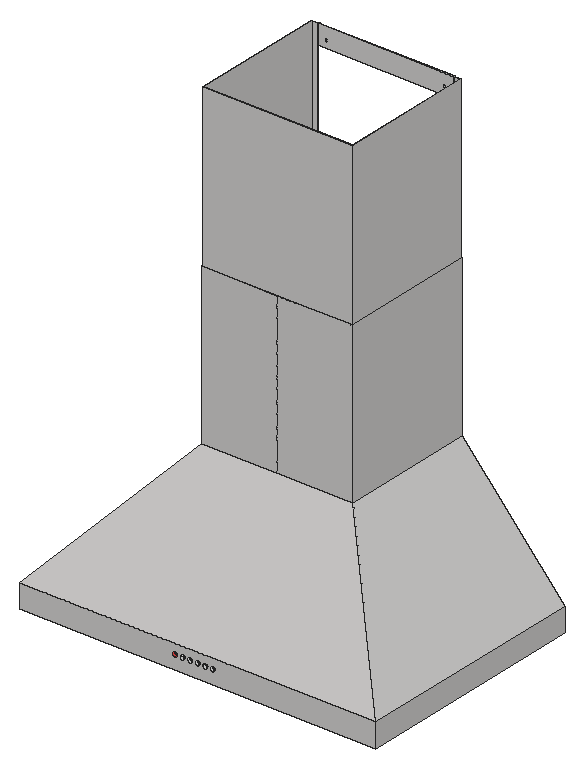
Revit family "FP_Revit_18_HC30PCX1_Rangehood_90001878A", category Specialty Equipment, Revit 2018
Family settings
  Round Connector Dimension = Use Diameter
  Part Type = Normal
  OmniClass Number = 23.40.40.00
  OmniClass Title = Food Service Equipment and Furnishings
  Work Plane-Based = No
  Always vertical = Yes
  Cut with Voids When Loaded = Yes
  Shared = No
  Room Calculation Point = No
Parameters (values of type "HC30PCX1")
  Visibility - Upper Chimney Extension [instance] = yes
  URL = "www.fisherpaykel.com"
  Product - Width = 755 mm  # constant formula
  Product - Height (636mm - 975mm) Ducted [instance] = 975 mm
  Product - Depth = 500 mm  # constant formula
  Model = "HC30PCX1"
  Material - COLOUR CHANGE = Fisher & Paykel - Stainless Steel
  Material - Buttons and Dials = Fisher & Paykel - Steel, Chrome Plated
  Material - Body = Fisher & Paykel - Stainless Steel
  Manufacturer = "Fisher & Paykel Appliances"
  FFL Offset [instance] = 1565 mm
  Description = "30\" Rangehood"
  Connector Description - Extraction = "6” (152 mm) diameter, rigid or semi-rigid ducting, 600 CFM"
  Connector Description - Electrical = "120 V, 60 Hz"
  Chassis - Width = 320 mm  # constant formula
  Chassis - Height = 298 mm  # constant formula
  Chassis - Depth = 290 mm  # constant formula
Types (5, lengths in mm): name | Model | Material - COLOUR CHANGE
  (no name) | "HC30PCX1" | Fisher & Paykel - Stainless Steel
  HC30PCB1 | "HC30PCB1" | Fisher & Paykel - Black
  HC30PCR1 | "HC30PCR1" | Fisher & Paykel - Red
  HC30PCX1 | "HC30PCX1" | Fisher & Paykel - Stainless Steel
  HC30PCW1 | "HC30PCW1" | Fisher & Paykel - White
Reference planes
  plane 1 "Datum": y = 0
  plane 2: z = 0
  plane 3 "Center (Left/Right)": x = 0
  plane 4 "Product - Height": z = 2540
  plane 5 "Product LHS": x = -377.5
  plane 6 "Product RHS": x = 377.5
  plane 7 "Product - Depth": y = -500
  plane 8 "Cavity LHS": x = -160
  plane 9 "Cavity RHS": x = 160
  plane 10 "Chassis - Depth": y = -290
  plane 11 "FFL Offset": z = 1565
  plane 12 "Chassis - Height": z = 1863
Forms (mm)
  Extrusion 1, solid, material "Fisher & Paykel - Stainless Steel" <- "Material - COLOUR CHANGE"
    sketch origin (0, 0, 0) x (1, 0, 0) y (0, 1, 0)
      loop
        line (-145, 0) -> (-160, 0) -> (-160, -290) -> (0, -290) -> (160, -290) -> (160, 0) -> (145, 0) -> (145, -1) -> (159, -1) -> (159, -289) -> (-159, -289) -> (-159, -1) -> (-145, -1) -> (-145, 0)
    from 1863 to 2200
  Extrusion 2, solid, material "Fisher & Paykel - Stainless Steel" <- "Material - COLOUR CHANGE", visible <- "Visibility - Upper Chimney Extension"
    sketch origin (0, 0, 0) x (1, 0, 0) y (0, 1, 0)
      loop
        line (-158, -2) -> (-145, -2) -> (-145, -1) -> (-159, -1) -> (-159, -289) -> (159, -289) -> (159, -1) -> (145, -1) -> (145, -2) -> (158, -2) -> (158, -288.044) -> (-158, -288.044) -> (-158, -2)
    from 2190 to 2540
  Extrusion 3, solid, material "Fisher & Paykel - Stainless Steel" <- "Material - Body"
    sketch origin (0, 0, 0) x (1, 0, 0) y (0, 1, 0)
      loop
        circle (0, -87.6) r 75
      loop
        circle (0, -87.6) r 74
    from 1850 to 1897.007
  Extrusion 4, solid, material "Fisher & Paykel - Stainless Steel" <- "Material - Body", visible <- "Visibility - Upper Chimney Extension"
    sketch origin (0, 0, 7) x (1, 0, 0) y (0, 0, 1)
      loop
        line (-145, 2491.596) -> (145, 2491.596) -> (145, 2533) -> (-145, 2533) -> (-145, 2491.596)
      loop
        circle (125, 2508) r 2.5
      loop
        circle (-125, 2508) r 2.5
    from 0 to 2
  Extrusion 5, solid, material "Fisher & Paykel - Steel, Chrome Plated" <- "Material - Buttons and Dials", detail levels fine
    sketch origin (0, 0, 565) x (1, 0, 0) y (0, 0, 1)
      loop
        circle (-32, 1029.1) r 3.958
      loop
        circle (-16, 1029.1) r 3.958
      loop
        circle (0, 1029.1) r 3.958
      loop
        circle (16, 1029.1) r 3.958
      loop
        circle (32, 1029.1) r 3.958
    from 501 to 500
  Extrusion 6, void
    sketch origin (0, 0, 0) x (1, 0, 0) y (0, 1, 0)
      loop
        line (-285.2, -479.9) -> (285.2, -479.9) -> (285.2, -89.9) -> (-285.2, -89.9) -> (-285.2, -479.9)
      loop
        circle (-207.5, -42) r 25
      loop
        circle (207.5, -42) r 25
    from 1565 to 1574
  Extrusion 7, solid, material "Fisher & Paykel - Stainless Steel" <- "Material - Body", detail levels fine
    sketch origin (0, 0, 0) x (1, 0, 0) y (0, 1, 0)
      loop
        line (0.5, -89.9) -> (0.5, -479.9) -> (285.2, -479.9) -> (285.2, -89.9) -> (0.5, -89.9)
      loop
        line (275.525, -469.9) -> (275.525, -99.9) -> (10.175, -99.9) -> (10.175, -469.9) -> (110.35, -469.9) -> (110.35, -409.9) -> (175.35, -409.9) -> (175.35, -469.9) -> (275.525, -469.9)
      loop
        line (127.25, -428.3) -> (127.25, -468.3) -> (158.45, -468.3) -> (158.45, -428.3) -> (127.25, -428.3)
      loop
        line (132.45, -433.5) -> (132.45, -463.1) -> (153.25, -463.1) -> (153.25, -433.5) -> (132.45, -433.5)
      loop
        line (132.65, -442.6) -> (132.65, -462.9) -> (153.05, -462.9) -> (153.05, -442.6) -> (132.65, -442.6)
      loop
        line (126.25, -427.3) -> (126.25, -469.3) -> (159.45, -469.3) -> (159.45, -427.3) -> (126.25, -427.3)
      loop
        line (-0.5, -89.9) -> (-285.2, -89.9) -> (-285.2, -479.9) -> (-0.5, -479.9) -> (-0.5, -89.9)
      loop
        line (-275.525, -469.9) -> (-175.35, -469.9) -> (-175.35, -409.9) -> (-110.35, -409.9) -> (-110.35, -469.9) -> (-10.175, -469.9) -> (-10.175, -99.9) -> (-275.525, -99.9) -> (-275.525, -469.9)
      loop
        line (-127.25, -428.3) -> (-158.45, -428.3) -> (-158.45, -468.3) -> (-127.25, -468.3) -> (-127.25, -428.3)
      loop
        line (-132.45, -433.5) -> (-153.25, -433.5) -> (-153.25, -463.1) -> (-132.45, -463.1) -> (-132.45, -433.5)
      loop
        line (-132.65, -442.6) -> (-153.05, -442.6) -> (-153.05, -462.9) -> (-132.65, -462.9) -> (-132.65, -442.6)
      loop
        line (-126.25, -427.3) -> (-159.45, -427.3) -> (-159.45, -469.3) -> (-126.25, -469.3) -> (-126.25, -427.3)
    from 1566 to 1574
  Extrusion 8, solid, material "Fisher & Paykel - Aluminium", detail levels medium+fine
    sketch origin (0, 0, 0) x (1, 0, 0) y (0, 1, 0)
      loop
        line (10.175, -99.9) -> (10.175, -469.9) -> (110.35, -469.9) -> (110.35, -409.9) -> (175.35, -409.9) -> (175.35, -469.9) -> (275.525, -469.9) -> (275.525, -99.9) -> (10.175, -99.9)
      loop
        line (-10.175, -99.9) -> (-275.525, -99.9) -> (-275.525, -469.9) -> (-175.35, -469.9) -> (-175.35, -409.9) -> (-110.35, -409.9) -> (-110.35, -469.9) -> (-10.175, -469.9) -> (-10.175, -99.9)
    from 1566 to 1574
  Extrusion 9, void
    sketch origin (0, 0, 0) x (1, 0, 0) y (0, 0, 1)
      loop
        line (-377.5, 1863) -> (-377.5, 1615) -> (-160, 1863) -> (-377.5, 1863)
      loop
        line (377.5, 1863) -> (160, 1863) -> (377.5, 1615) -> (377.5, 1863)
    from 0 to 500
  Extrusion 10, solid, material "Fisher & Paykel - Stainless Steel" <- "Material - COLOUR CHANGE"
    sketch origin (0, 0, 0) x (0, 1, 0) y (0, 0, 1)
      loop
        line (-500, 1565) -> (0, 1565) -> (0, 1863) -> (-290, 1863) -> (-500, 1615) -> (-500, 1565)
    from -377.5 to 377.5
  Extrusion 11, solid, material "Fisher & Paykel - Stainless Steel" <- "Material - Body", detail levels medium+fine
    sketch origin (0, 0, 0) x (1, 0, 0) y (0, 1, 0)
      loop
        circle (90.933, -33) r 3
    from 1897.007 to 1850
  Extrusion 12, solid, material "Fisher & Paykel - Steel, Chrome Plated" <- "Material - Buttons and Dials", detail levels medium+fine
    sketch origin (0, 0, 0) x (1, 0, 0) y (0, 1, 0)
      loop
        circle (-207.5, -42) r 25
      loop
        circle (-207.5, -42) r 22
      loop
        circle (207.5, -42) r 25
      loop
        circle (207.5, -42) r 22
    from 1565 to 1574
  Extrusion 13, solid, material "Fisher & Paykel - White Bezel", detail levels fine
    sketch origin (0, 0, 0) x (1, 0, 0) y (0, 1, 0)
      loop
        circle (-207.5, -42) r 22
      loop
        circle (207.5, -42) r 22
    from 1565 to 1574
  Extrusion 14, void
    sketch origin (0, 0, 0) x (1, 0, 0) y (0, 0, 1)
      loop
        circle (254, 1612) r 2.5
      loop
        circle (125, 1859) r 2.5
      loop
        circle (-254, 1610) r 2.5
      loop
        circle (-125, 1859) r 2.5
    from 0 to 7
  Extrusion 15, solid, material "Fisher & Paykel - Stainless Steel" <- "Material - Body"
    sketch origin (0, 0, 0) x (1, 0, 0) y (0, 0, 1)
      loop
        line (-145, 2183) -> (-145, 2143) -> (145, 2143) -> (145, 2183) -> (-145, 2183)
      loop
        circle (125, 2161) r 2.5
      loop
        circle (-125, 2161) r 2.5
    from 0 to 2
  Extrusion 16, void
    sketch origin (0, 0, 0) x (1, 0, 0) y (0, 1, 0)
      loop
        line (-159, -289) -> (159, -289) -> (159, -2) -> (-159, -2) -> (-159, -289)
    from 1850 to 1863
  Extrusion 17, solid, material "Fisher & Paykel - Bezel Red", detail levels fine
    sketch origin (0, 0, 0) x (1, 0, 0) y (0, 0, 1)
      loop
        circle (-48, 1594.1) r 4.044
    from 500 to 501
Cuts and joins
  Extrusion 6, Extrusion 9, Extrusion 14, Extrusion 16 cuts Extrusion 10
  joined: Extrusion 1, Extrusion 10
  Extrusion 14 cuts Extrusion 4
  Extrusion 14 cuts Extrusion 15
Text (mm)
  text "Due to ongoing product development, product details are subject to change without notice. \nPlease always refer to www.fisherpaykel.com for the most current product information. \n© Fisher & Paykel 2020" at (41.04, -1225.549, 0), in view "Ref. Level (Plan)"
Dimensions and locks
  equal spacing: plane 5 "Product LHS", plane 3 "Center (Left/Right)", plane 6 "Product RHS"
  equal spacing: plane 8 "Cavity LHS", plane 3 "Center (Left/Right)", plane 9 "Cavity RHS"
  "Chassis - Width": plane 8 "Cavity LHS" to plane 9 "Cavity RHS"
  locked: Extrusion 1 sketch curve to Extrusion 1 sketch curve at 1  (x3)
  "FFL Offset": plane 11 "FFL Offset" to level
  "Product - Height (636mm - 975mm) Ducted": plane 4 "Product - Height" to plane 11 "FFL Offset"
  locked: Extrusion 8 to plane 11 "FFL Offset" at 9
  locked: Extrusion 7 to plane 11 "FFL Offset" at 1
  locked: Extrusion 1 to plane 11 "FFL Offset" at 635
  "Chassis - Depth": plane 10 "Chassis - Depth" to plane 1 "Datum"
  "Product - Width": plane 5 "Product LHS" to plane 6 "Product RHS"
  "Product - Depth": plane 1 "Datum" to plane 7 "Product - Depth"
  "Chassis - Height": plane 12 "Chassis - Height" to plane 11 "FFL Offset"
  locked: plane 11 "FFL Offset" to Extrusion 14 sketch curve at 294
  locked: plane 4 "Product - Height" to Extrusion 2 at 350
  locked: Extrusion 3 to plane 11 "FFL Offset" at 332.007
  locked: plane 11 "FFL Offset" to cut or joined group of Extrusion 1, Extrusion 6, Extrusion 9, Extrusion 10, Extrusion 14, Extrusion 16 at 285
  locked: plane 11 "FFL Offset" to cut or joined group of Extrusion 14, Extrusion 15 at 596
  locked: plane 11 "FFL Offset" to cut or joined group of Extrusion 14, Extrusion 15 at 618
  locked: plane 11 "FFL Offset" to cut or joined group of Extrusion 14, Extrusion 15 at 578
  cut or joined group of Extrusion 4, Extrusion 14 to plane 4 "Product - Height" = 41.404 mm
  locked: cut or joined group of Extrusion 4, Extrusion 14 to plane 4 "Product - Height" at 25
  locked: plane 11 "FFL Offset" to cut or joined group of Extrusion 1, Extrusion 6, Extrusion 9, Extrusion 10, Extrusion 14, Extrusion 16 at 294
  locked: plane 11 "FFL Offset" to Extrusion 14 sketch curve at 47
  locked: plane 11 "FFL Offset" to cut or joined group of Extrusion 1, Extrusion 6, Extrusion 9, Extrusion 10, Extrusion 14, Extrusion 16 at 47
  locked: Extrusion 7 sketch curve to plane 3 "Center (Left/Right)" at 285.2
  locked: plane 3 "Center (Left/Right)" to Extrusion 7 sketch curve at 285.2
  aligned and locked: level to plane 2
  aligned and locked: Extrusion 1 sketch curve to plane 8 "Cavity LHS"
  aligned and locked: plane 9 "Cavity RHS" to Extrusion 1 sketch curve
  aligned and locked: plane 10 "Chassis - Depth" to Extrusion 1 sketch curve
  aligned and locked: plane 4 "Product - Height" to Extrusion 2
  aligned and locked: Extrusion 10 to plane 6 "Product RHS"
  aligned and locked: plane 5 "Product LHS" to Extrusion 10
  aligned and locked: Extrusion 7 to Extrusion 8  (x2)
  aligned and locked: Extrusion 6 to Extrusion 7
  aligned and locked: cut or joined group of Extrusion 1, Extrusion 6, Extrusion 9, Extrusion 10, Extrusion 14, Extrusion 16 to plane 11 "FFL Offset"
  aligned and locked: Extrusion 12 to Extrusion 7
  aligned and locked: Extrusion 13 to Extrusion 7
  aligned and locked: Extrusion 13 to plane 11 "FFL Offset"
  aligned and locked: Extrusion 12 to plane 11 "FFL Offset"
  aligned and locked: plane 4 "Product - Height" to Extrusion 4
  aligned and locked: Extrusion 1 to plane 12 "Chassis - Height"
  aligned and locked: plane 7 "Product - Depth" to Extrusion 5
  aligned and locked: plane 7 "Product - Depth" to Extrusion 17
  aligned and locked: Extrusion 16 to Extrusion 1
  aligned and locked: cut or joined group of Extrusion 1, Extrusion 6, Extrusion 9, Extrusion 10, Extrusion 14, Extrusion 16 to Extrusion 3
  aligned and locked: Extrusion 3 to Extrusion 11
  aligned and locked: cut or joined group of Extrusion 1, Extrusion 6, Extrusion 9, Extrusion 10, Extrusion 14, Extrusion 16 to Extrusion 11
  aligned and locked: cut or joined group of Extrusion 4, Extrusion 14 to Extrusion 2
  aligned and locked: cut or joined group of Extrusion 14, Extrusion 15 to Extrusion 2
  aligned and locked: Extrusion 8 sketch curve to Extrusion 7  (x2)
Automatic sketch dimensions
  Extrusion 2 sketch curve to plane 8 "Cavity LHS" = 1 mm
  Extrusion 2 sketch curve to Extrusion 2 sketch curve = 1 mm
  plane 1 "Datum" to Extrusion 2 sketch curve = 2 mm  (x2)
  Extrusion 2 sketch curve to Extrusion 2 sketch curve = 13 mm
  plane 9 "Cavity RHS" to Extrusion 2 sketch curve = 15 mm
  plane 9 "Cavity RHS" to Extrusion 2 sketch curve = 2 mm
  plane 9 "Cavity RHS" to Extrusion 2 sketch curve = 1 mm
  plane 10 "Chassis - Depth" to Extrusion 2 sketch curve = 1.956 mm
  plane 10 "Chassis - Depth" to Extrusion 2 sketch curve = 1 mm
  plane 1 "Datum" to Extrusion 2 sketch curve = 1 mm  (x2)
  Extrusion 4 sketch curve to plane 4 "Product - Height" = 0 mm
  Extrusion 4 sketch curve to plane 8 "Cavity LHS" = 15 mm
  Extrusion 4 sketch curve to plane 8 "Cavity LHS" = 35 mm
  plane 9 "Cavity RHS" to Extrusion 4 sketch curve = 35 mm
  plane 9 "Cavity RHS" to Extrusion 4 sketch curve = 15 mm
  Extrusion 4 sketch curve to plane 4 "Product - Height" = 25 mm  (x2)
  Extrusion 4 sketch curve to Extrusion 4 sketch curve = 16.404 mm
  Extrusion 6 sketch curve to plane 5 "Product LHS" = 92.3 mm
  plane 8 "Cavity LHS" to Extrusion 6 sketch curve = 47.5 mm
  plane 6 "Product RHS" to Extrusion 6 sketch curve = 92.3 mm
  plane 7 "Product - Depth" to Extrusion 6 sketch curve = 20.1 mm
  plane 1 "Datum" to Extrusion 6 sketch curve = 89.9 mm
  plane 1 "Datum" to Extrusion 6 sketch curve = 42 mm  (x2)
  plane 9 "Cavity RHS" to Extrusion 11 sketch curve = 69.067 mm
  plane 10 "Chassis - Depth" to Extrusion 11 sketch curve = 257 mm
  Extrusion 12 sketch curve to Extrusion 12 sketch curve = 0 mm  (x4)
  plane 8 "Cavity LHS" to Extrusion 12 sketch curve = 47.5 mm
  Extrusion 12 sketch curve to plane 9 "Cavity RHS" = 47.5 mm
  plane 1 "Datum" to Extrusion 12 sketch curve = 42 mm  (x2)
  plane 8 "Cavity LHS" to Extrusion 13 sketch curve = 47.5 mm
  Extrusion 13 sketch curve to plane 9 "Cavity RHS" = 47.5 mm
  plane 1 "Datum" to Extrusion 13 sketch curve = 42 mm  (x2)
  plane 11 "FFL Offset" to Extrusion 14 sketch curve = 45 mm
  plane 8 "Cavity LHS" to Extrusion 14 sketch curve = 94 mm
  Extrusion 14 sketch curve to plane 12 "Chassis - Height" = 4 mm
  Extrusion 14 sketch curve to plane 8 "Cavity LHS" = 35 mm
  plane 9 "Cavity RHS" to Extrusion 14 sketch curve = 35 mm
  Extrusion 14 sketch curve to plane 9 "Cavity RHS" = 94 mm
  Extrusion 15 sketch curve to plane 8 "Cavity LHS" = 15 mm
  Extrusion 15 sketch curve to plane 8 "Cavity LHS" = 35 mm
  plane 9 "Cavity RHS" to Extrusion 15 sketch curve = 35 mm
  plane 9 "Cavity RHS" to Extrusion 15 sketch curve = 15 mm
  plane 12 "Chassis - Height" to Extrusion 15 sketch curve = 280 mm
  Extrusion 15 sketch curve to Extrusion 15 sketch curve = 18 mm  (x2)
  Extrusion 15 sketch curve to Extrusion 15 sketch curve = 22 mm
  plane 1 "Datum" to Extrusion 1 sketch curve = 0 mm  (x2)
  Extrusion 1 sketch curve to plane 3 "Center (Left/Right)" = 0 mm
  plane 1 "Datum" to Extrusion 1 sketch curve = 1 mm  (x2)
  Extrusion 1 sketch curve to Extrusion 1 sketch curve = 14 mm  (x2)
  Extrusion 10 sketch curve to plane 7 "Product - Depth" = 0 mm
  Extrusion 10 sketch curve to plane 12 "Chassis - Height" = 0 mm
  Extrusion 10 sketch curve to plane 10 "Chassis - Depth" = 0 mm
  Extrusion 10 sketch curve to plane 1 "Datum" = 0 mm
  Extrusion 10 sketch curve to plane 11 "FFL Offset" = 0 mm
  Extrusion 10 sketch curve to Extrusion 10 sketch curve = 50 mm
  plane 5 "Product LHS" to Extrusion 9 sketch curve = 0 mm
  plane 8 "Cavity LHS" to Extrusion 9 sketch curve = 0 mm
  plane 9 "Cavity RHS" to Extrusion 9 sketch curve = 0 mm
  plane 6 "Product RHS" to Extrusion 9 sketch curve = 0 mm
  Extrusion 9 sketch curve to plane 12 "Chassis - Height" = 0 mm  (x2)
  plane 11 "FFL Offset" to Extrusion 9 sketch curve = 50 mm  (x2)
  Extrusion 5 sketch curve to plane 3 "Center (Left/Right)" = 0 mm
  Extrusion 5 sketch curve to plane 3 "Center (Left/Right)" = 16 mm
  Extrusion 5 sketch curve to Extrusion 5 sketch curve = 16 mm  (x3)
  plane 11 "FFL Offset" to Extrusion 5 sketch curve = 29.1 mm
  Extrusion 5 sketch curve to Extrusion 5 sketch curve = 0 mm  (x4)
  Extrusion 17 sketch curve to plane 3 "Center (Left/Right)" = 48 mm
  plane 11 "FFL Offset" to Extrusion 17 sketch curve = 29.1 mm
  Extrusion 3 sketch curve to Extrusion 3 sketch curve = 0 mm  (x2)
  plane 1 "Datum" to Extrusion 3 sketch curve = 87.6 mm
  plane 6 "Product RHS" to Extrusion 3 sketch curve = 377.5 mm
  plane 1 "Datum" to Extrusion 16 sketch curve = 2 mm
  Extrusion 16 sketch curve to plane 8 "Cavity LHS" = 1 mm
  plane 9 "Cavity RHS" to Extrusion 16 sketch curve = 1 mm
  plane 10 "Chassis - Depth" to Extrusion 16 sketch curve = 1 mm
  plane 7 "Product - Depth" to Extrusion 7 sketch curve = 20.1 mm
  Extrusion 7 sketch curve to Extrusion 7 sketch curve = 9.675 mm  (x2)
  plane 8 "Cavity LHS" to Extrusion 7 sketch curve = 15.35 mm
  Extrusion 7 sketch curve to plane 8 "Cavity LHS" = 0.55 mm
  Extrusion 7 sketch curve to Extrusion 7 sketch curve = 1 mm  (x7)
  Extrusion 7 sketch curve to plane 8 "Cavity LHS" = 6.75 mm
  Extrusion 7 sketch curve to plane 8 "Cavity LHS" = 6.95 mm
  Extrusion 7 sketch curve to Extrusion 7 sketch curve = 20.4 mm
  Extrusion 7 sketch curve to Extrusion 7 sketch curve = 0.2 mm  (x4)
  Extrusion 7 sketch curve to Extrusion 7 sketch curve = 5.2 mm  (x6)
  Extrusion 7 sketch curve to Extrusion 7 sketch curve = 15.9 mm  (x2)
  Extrusion 7 sketch curve to plane 3 "Center (Left/Right)" = 10.175 mm
  Extrusion 7 sketch curve to plane 3 "Center (Left/Right)" = 0.5 mm
  plane 3 "Center (Left/Right)" to Extrusion 7 sketch curve = 0.5 mm
  plane 3 "Center (Left/Right)" to Extrusion 7 sketch curve = 10.175 mm
  plane 9 "Cavity RHS" to Extrusion 7 sketch curve = 49.65 mm
  plane 9 "Cavity RHS" to Extrusion 7 sketch curve = 6.95 mm
  plane 9 "Cavity RHS" to Extrusion 7 sketch curve = 6.75 mm
  plane 9 "Cavity RHS" to Extrusion 7 sketch curve = 1.55 mm
  plane 9 "Cavity RHS" to Extrusion 7 sketch curve = 0.55 mm
  Extrusion 7 sketch curve to plane 9 "Cavity RHS" = 15.35 mm
  Extrusion 7 sketch curve to Extrusion 7 sketch curve = 0 mm
  Extrusion 7 sketch curve to Extrusion 7 sketch curve = 10 mm  (x6)
  Extrusion 7 sketch curve to Extrusion 7 sketch curve = 0.6 mm  (x2)
  Extrusion 7 sketch curve to Extrusion 7 sketch curve = 20.3 mm  (x2)
  Extrusion 7 sketch curve to Extrusion 7 sketch curve = 9.1 mm  (x2)
  Extrusion 7 sketch curve to Extrusion 7 sketch curve = 17.4 mm  (x2)
  plane 1 "Datum" to Extrusion 7 sketch curve = 99.9 mm  (x2)
  plane 8 "Cavity LHS" to Extrusion 8 sketch curve = 15.35 mm
  Extrusion 8 sketch curve to plane 8 "Cavity LHS" = 49.65 mm
  Extrusion 8 sketch curve to plane 3 "Center (Left/Right)" = 10.175 mm
  plane 3 "Center (Left/Right)" to Extrusion 8 sketch curve = 10.175 mm
  plane 9 "Cavity RHS" to Extrusion 8 sketch curve = 49.65 mm
  Extrusion 8 sketch curve to plane 9 "Cavity RHS" = 15.35 mm
  plane 7 "Product - Depth" to Extrusion 8 sketch curve = 30.1 mm  (x4)
  Extrusion 8 sketch curve to Extrusion 8 sketch curve = 60 mm  (x2)
  plane 1 "Datum" to Extrusion 8 sketch curve = 99.9 mm
  Extrusion 8 sketch curve to Extrusion 8 sketch curve = 0 mm
  Extrusion 6 sketch curve to plane 9 "Cavity RHS" = 47.5 mm
  radius of Extrusion 4 sketch curve = 2.5 mm  (x2)
  radius of Extrusion 6 sketch curve = 25 mm  (x2)
  radius of Extrusion 11 sketch curve = 3 mm
  radius of Extrusion 12 sketch curve = 25 mm  (x2)
  radius of Extrusion 12 sketch curve = 22 mm  (x2)
  radius of Extrusion 13 sketch curve = 22 mm  (x2)
  radius of Extrusion 14 sketch curve = 2.5 mm  (x4)
  radius of Extrusion 15 sketch curve = 2.5 mm  (x2)
  radius of Extrusion 5 sketch curve = 3.958 mm  (x5)
  radius of Extrusion 17 sketch curve = 4.044 mm
  radius of Extrusion 3 sketch curve = 75 mm
  radius of Extrusion 3 sketch curve = 74 mm
Connectors
  hvac at (0, -87.6, 1897.007), driven by "Connector Description - Extraction"
    settings: on Extrusion 3, index 1, duct flow 0.0 L/s, flow factor 0, pres drop 0.0 Pa, loss coef 0, conn angle 0.00°, conn width 304.8 mm, conn height 304.8 mm, conn diameter 150 mm, duct sys type 4, conn prof type 0, flow config 0, flow direction 2, loss method 0, conn ref index -1, conn util no, is conn primary yes, conn desc "6” (152 mm) diameter, rigid or semi-rigid ducting, 600 CFM"
  electrical at (90.933, -33, 1850), driven by "Connector Description - Electrical"
    settings: on Extrusion 11, index 2, voltage 120 V, apparent load 0 VA, apparent load phase1 0 VA, apparent load phase2 0 VA, apparent load phase3 0 VA, power factor 1, load classification "Other", number of poles 1, system type 30, power factor state 1, is connector primary yes, connector utility no, sub classification motor no, connector description "120 V, 60 Hz"
